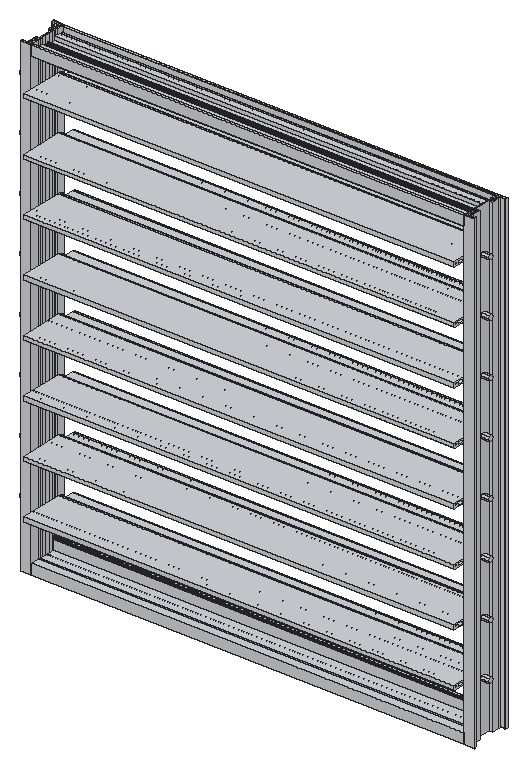
Revit family "TB-155,156", category Mechanical Equipment, Revit 2015
Parameters
  URL = "http://unitedenertech.com/catalog/pdf/A_12e%20TB-155,%20TB-156.pdf"
  Type Comments = "Max. Single Section Size is (60\"w x 72\"h)"
  Model = "TB-155, TB-156"
  Manufacturer = "United Enertech Corporation"
  Keynote = "This model is only a representation of the product, blade position and linkage arrangement will vary from built dampers"
  Exact Width = 3' - 6"
  Exact Height = 3' - 8"
  Description = "Thermally Broken Damper"
  Blade Spacing = 0' - 5 1/4"
  Blade Number [instance] = rounddown((Exact Height - 0' 1 1/2") / Blade Spacing)  # 8
  BW [instance] = Exact Width - 0' 0 3/8"  # 3' - 5 5/8"
Reference planes (in)
  plane 1 "Center (Front/Back)": y = 0
  plane 2: z = 0
  plane 3 "Center (Left/Right)": x = 0
  plane 4: x = -21
  plane 5: x = 21
  plane 6: z = 44
  plane 7: x = -22
  plane 8: x = 22
  plane 9: z = -1
  plane 10: z = 45
  plane 11: z = 41.2429
  plane 12: x = -22.29363
  plane 13: z = 3.04512
Forms (in)
  Extrusion 1, solid
    sketch origin (14.05883, -5.93051, 0) x (1, 0, 0) y (0, 1, 0)
      loop
        line (-36.05883, 9.73051) -> (-35.97883, 9.73051) -> (-35.97883, 9.80551) -> (-35.18383, 9.80551) -> (-35.18383, 9.59178) -> (-35.55883, 9.59178) -> (-35.55883, 9.51078) -> (-35.14725, 9.51078) -> (-35.14725, 9.36625) -> (-35.55883, 9.36625) -> (-35.55883, 8.71051) -> (-35.22383, 8.71051) -> (-35.22383, 7.15051) -> (-35.55883, 7.15051) -> (-35.55883, 6.49478) -> (-35.14725, 6.49478) -> (-35.14725, 6.35025) -> (-35.55883, 6.35025) -> (-35.55883, 6.26925) -> (-35.18383, 6.26925) -> (-35.18383, 6.05551) -> (-35.97883, 6.05551) -> (-35.97883, 6.13051) -> (-36.05883, 6.13051) -> (-36.05883, 5.93051) -> (-35.05883, 5.93051) -> (-35.05883, 6.71551) -> (-35.24983, 6.71551) -> (-35.24983, 6.64551) -> (-35.17983, 6.64551) -> (-35.17983, 6.57551) -> (-35.48383, 6.57551) -> (-35.48383, 6.64551) -> (-35.41383, 6.64551) -> (-35.41383, 6.71551) -> (-35.47883, 6.71551) -> (-35.47883, 6.93051) -> (-35.41383, 6.93051) -> (-35.41383, 7.00051) -> (-35.48383, 7.00051) -> (-35.48383, 7.07051) -> (-35.17983, 7.07051) -> (-35.17983, 7.00051) -> (-35.24983, 7.00051) -> (-35.24983, 6.93051) -> (-35.09883, 6.93051) -> (-35.09883, 7.13239) -> (-35.06883, 7.16814) -> (-35.06883, 7.27705) -> (-35.14983, 7.18051) -> (-35.14983, 7.44963) -> (-35.06883, 7.3531) -> (-35.06883, 7.68734) -> (-35.14983, 7.59081) -> (-35.14983, 7.85992) -> (-35.06883, 7.76339) -> (-35.06883, 8.09763) -> (-35.14983, 8.0011) -> (-35.14983, 8.27022) -> (-35.06883, 8.17368) -> (-35.06883, 8.50793) -> (-35.14983, 8.4114) -> (-35.14983, 8.68051) -> (-35.06883, 8.58398) -> (-35.06883, 8.69288) -> (-35.09883, 8.72863) -> (-35.09883, 8.93051) -> (-35.25011, 8.93051) -> (-35.25011, 8.86051) -> (-35.18011, 8.86051) -> (-35.18011, 8.79051) -> (-35.48411, 8.79051) -> (-35.48411, 8.86051) -> (-35.41411, 8.86051) -> (-35.41411, 8.93051) -> (-35.47883, 8.93051) -> (-35.47883, 9.14551) -> (-35.41411, 9.14551) -> (-35.41411, 9.21551) -> (-35.48411, 9.21551) -> (-35.48411, 9.28551) -> (-35.18011, 9.28551) -> (-35.18011, 9.21551) -> (-35.25011, 9.21551) -> (-35.25011, 9.14551) -> (-35.05883, 9.14551) -> (-35.05883, 9.93051) -> (-36.05883, 9.93051) -> (-36.05883, 9.73051)
    from -1 to 45
  Extrusion 2, solid
    sketch origin (-14.05883, -5.93051, 0) x (-1, 0, 0) y (0, -1, 0)
      loop
        line (-36.05883, -9.73051) -> (-36.05883, -9.93051) -> (-35.05883, -9.93051) -> (-35.05883, -9.14551) -> (-35.25011, -9.14551) -> (-35.25011, -9.21551) -> (-35.18011, -9.21551) -> (-35.18011, -9.28551) -> (-35.48411, -9.28551) -> (-35.48411, -9.21551) -> (-35.41411, -9.21551) -> (-35.41411, -9.14551) -> (-35.47883, -9.14551) -> (-35.47883, -8.93051) -> (-35.41411, -8.93051) -> (-35.41411, -8.86051) -> (-35.48411, -8.86051) -> (-35.48411, -8.79051) -> (-35.18011, -8.79051) -> (-35.18011, -8.86051) -> (-35.25011, -8.86051) -> (-35.25011, -8.93051) -> (-35.09883, -8.93051) -> (-35.09883, -8.72863) -> (-35.06883, -8.69288) -> (-35.06883, -8.58398) -> (-35.14983, -8.68051) -> (-35.14983, -8.4114) -> (-35.06883, -8.50793) -> (-35.06883, -8.17368) -> (-35.14983, -8.27022) -> (-35.14983, -8.0011) -> (-35.06883, -8.09763) -> (-35.06883, -7.76339) -> (-35.14983, -7.85992) -> (-35.14983, -7.59081) -> (-35.06883, -7.68734) -> (-35.06883, -7.3531) -> (-35.14983, -7.44963) -> (-35.14983, -7.18051) -> (-35.06883, -7.27705) -> (-35.06883, -7.16814) -> (-35.09883, -7.13239) -> (-35.09883, -6.93051) -> (-35.24983, -6.93051) -> (-35.24983, -7.00051) -> (-35.17983, -7.00051) -> (-35.17983, -7.07051) -> (-35.48383, -7.07051) -> (-35.48383, -7.00051) -> (-35.41383, -7.00051) -> (-35.41383, -6.93051) -> (-35.47883, -6.93051) -> (-35.47883, -6.71551) -> (-35.41383, -6.71551) -> (-35.41383, -6.64551) -> (-35.48383, -6.64551) -> (-35.48383, -6.57551) -> (-35.17983, -6.57551) -> (-35.17983, -6.64551) -> (-35.24983, -6.64551) -> (-35.24983, -6.71551) -> (-35.05883, -6.71551) -> (-35.05883, -5.93051) -> (-36.05883, -5.93051) -> (-36.05883, -6.13051) -> (-35.97883, -6.13051) -> (-35.97883, -6.05551) -> (-35.18383, -6.05551) -> (-35.18383, -6.26925) -> (-35.55883, -6.26925) -> (-35.55883, -6.35025) -> (-35.14725, -6.35025) -> (-35.14725, -6.49478) -> (-35.55883, -6.49478) -> (-35.55883, -7.15051) -> (-35.22383, -7.15051) -> (-35.22383, -8.71051) -> (-35.55883, -8.71051) -> (-35.55883, -9.36625) -> (-35.14725, -9.36625) -> (-35.14725, -9.51078) -> (-35.55883, -9.51078) -> (-35.55883, -9.59178) -> (-35.18383, -9.59178) -> (-35.18383, -9.80551) -> (-35.97883, -9.80551) -> (-35.97883, -9.73051) -> (-36.05883, -9.73051)
    from -1 to 45
  Extrusion 3, solid
    sketch origin (-28.18526, 34.26153, -12.44523) x (0, 1, 0) y (0, 0, 1)
      loop
        line (-34.26153, 11.44523) -> (-34.06153, 11.44523) -> (-34.06153, 11.52523) -> (-34.13653, 11.52523) -> (-34.13653, 12.32023) -> (-33.9228, 12.32023) -> (-33.9228, 11.94523) -> (-33.8418, 11.94523) -> (-33.8418, 12.36223) -> (-33.69726, 12.36223) -> (-33.69726, 11.94523) -> (-33.04153, 11.94523) -> (-33.04153, 12.28023) -> (-32.3983, 12.28023) -> (-32.40744, 12.16843) -> (-32.38158, 12.10666) -> (-32.31062, 12.14763)
        arc (-32.31062, 12.14763) -> (-32.25846, 12.26016) -> (-32.21681, 12.14333) r 0.067
        line (-32.21681, 12.14333) -> (-32.14148, 12.10666) -> (-32.11353, 12.19323) -> (-32.12949, 12.28023) -> (-31.48153, 12.28023) -> (-31.48153, 11.94523) -> (-30.8258, 11.94523) -> (-30.8258, 12.36223) -> (-30.68126, 12.36223) -> (-30.68126, 11.94523) -> (-30.60026, 11.94523) -> (-30.60026, 12.3202) -> (-30.38653, 12.3202) -> (-30.38653, 11.52523) -> (-30.46153, 11.52523) -> (-30.46153, 11.44523) -> (-30.26153, 11.44523) -> (-30.26153, 12.44523) -> (-31.04653, 12.44523) -> (-31.04653, 12.25423) -> (-30.97653, 12.25423) -> (-30.97653, 12.32423) -> (-30.90653, 12.32423) -> (-30.90653, 12.02023) -> (-30.97653, 12.02023) -> (-30.97653, 12.09023) -> (-31.04653, 12.09023) -> (-31.04653, 12.02523) -> (-31.26153, 12.02523) -> (-31.26153, 12.09023) -> (-31.33153, 12.09023) -> (-31.33153, 12.02023) -> (-31.40153, 12.02023) -> (-31.40153, 12.32423) -> (-31.33153, 12.32423) -> (-31.33153, 12.25423) -> (-31.26153, 12.25423) -> (-31.26153, 12.40523) -> (-31.46353, 12.40523) -> (-31.46353, 13.65523) -> (-31.62653, 13.65523) -> (-31.62653, 13.55023) -> (-31.57653, 13.55023) -> (-31.57653, 13.60523) -> (-31.52653, 13.60523) -> (-31.52653, 13.39523) -> (-31.57653, 13.39523) -> (-31.57653, 13.45023) -> (-31.62653, 13.45023) -> (-31.62653, 13.34523) -> (-31.55753, 13.34523) -> (-31.55753, 12.40523) -> (-33.26153, 12.40523) -> (-33.26153, 12.25423) -> (-33.19153, 12.25423) -> (-33.19153, 12.32423) -> (-33.12153, 12.32423) -> (-33.12153, 12.02023) -> (-33.19153, 12.02023) -> (-33.19153, 12.09023) -> (-33.26153, 12.09023) -> (-33.26153, 12.02523) -> (-33.47653, 12.02523) -> (-33.47653, 12.09023) -> (-33.54653, 12.09023) -> (-33.54653, 12.02023) -> (-33.61653, 12.02023) -> (-33.61653, 12.32423) -> (-33.54653, 12.32423) -> (-33.54653, 12.25423) -> (-33.47653, 12.25423) -> (-33.47653, 12.44523) -> (-34.26153, 12.44523) -> (-34.26153, 11.44523)
    from 7.18526 to 49.18526
  Extrusion 4, solid
    sketch origin (-43.90835, 39.90835, 36.13069) x (0, 1, 0) y (0, 0, 1)
      loop
        line (-39.70835, 8.86931) -> (-39.90835, 8.86931) -> (-39.90835, 7.86931) -> (-39.12335, 7.86931) -> (-39.12335, 8.06031) -> (-39.19335, 8.06031) -> (-39.19335, 7.99031) -> (-39.26335, 7.99031) -> (-39.26335, 8.29431) -> (-39.19335, 8.29431) -> (-39.19335, 8.22431) -> (-39.12335, 8.22431) -> (-39.12335, 8.28931) -> (-38.90835, 8.28931) -> (-38.90835, 8.22431) -> (-38.83835, 8.22431) -> (-38.83835, 8.29431) -> (-38.76835, 8.29431) -> (-38.76835, 7.99031) -> (-38.83835, 7.99031) -> (-38.83835, 8.06031) -> (-38.90835, 8.06031) -> (-38.90835, 7.90931) -> (-38.21635, 7.90931) -> (-38.21635, 6.65931) -> (-38.05335, 6.65931) -> (-38.05335, 6.76431) -> (-38.10335, 6.76431) -> (-38.10335, 6.70931) -> (-38.15335, 6.70931) -> (-38.15335, 6.91931) -> (-38.10335, 6.91931) -> (-38.10335, 6.86431) -> (-38.05335, 6.86431) -> (-38.05335, 6.96931) -> (-38.12235, 6.96931) -> (-38.12235, 7.90931) -> (-36.90835, 7.90931) -> (-36.90835, 8.06031) -> (-36.97835, 8.06031) -> (-36.97835, 7.99031) -> (-37.04835, 7.99031) -> (-37.04835, 8.29431) -> (-36.97835, 8.29431) -> (-36.97835, 8.22431) -> (-36.90835, 8.22431) -> (-36.90835, 8.28931) -> (-36.69335, 8.28931) -> (-36.69335, 8.22431) -> (-36.62335, 8.22431) -> (-36.62335, 8.29431) -> (-36.55335, 8.29431) -> (-36.55335, 7.99031) -> (-36.62335, 7.99031) -> (-36.62335, 8.06031) -> (-36.69335, 8.06031) -> (-36.69335, 7.86931) -> (-35.90835, 7.86931) -> (-35.90835, 8.86931) -> (-36.10835, 8.86931) -> (-36.10835, 8.78931) -> (-36.03335, 8.78931) -> (-36.03335, 7.99431) -> (-36.24708, 7.99431) -> (-36.24708, 8.36931) -> (-36.32808, 8.36931) -> (-36.32808, 7.95231) -> (-36.47262, 7.95231) -> (-36.47262, 8.36931) -> (-37.12835, 8.36931) -> (-37.12835, 8.03431) -> (-37.77158, 8.03431) -> (-37.76244, 8.1461) -> (-37.7883, 8.20787) -> (-37.85926, 8.1669)
        arc (-37.85926, 8.1669) -> (-37.91142, 8.05438) -> (-37.95307, 8.1712) r 0.067
        line (-37.95307, 8.1712) -> (-38.0284, 8.20787) -> (-38.05635, 8.12131) -> (-38.04039, 8.03431) -> (-38.68835, 8.03431) -> (-38.68835, 8.36931) -> (-39.34408, 8.36931) -> (-39.34408, 7.95231) -> (-39.48862, 7.95231) -> (-39.48862, 8.36931) -> (-39.56962, 8.36931) -> (-39.56962, 7.99433) -> (-39.78335, 7.99433) -> (-39.78335, 8.78931) -> (-39.70835, 8.78931) -> (-39.70835, 8.86931)
    from 22.90835 to 64.90835
  Extrusion 5, solid
    sketch origin (9.06925, -1.4123, 0) x (1, 0, 0) y (0, 1, 0)
      loop
        line (-31.36287, 2.39683) -> (-31.36287, 2.56006)
        arc (-31.36287, 2.56006) -> (-31.58255, 2.47844) -> (-31.36287, 2.39683) r 0.125
    from 3.04512 to 44
Dimensions and locks (in)
  equal spacing: plane 4, plane 3 "Center (Left/Right)", plane 5
  "Exact Width": plane 4 to plane 5
  "Exact Height": plane 6 to level
  locked: plane 7 to plane 4 at 1
  locked: plane 5 to plane 8 at 1
  locked: level to plane 9 at 1
  locked: plane 10 to plane 6 at 1
  locked: plane 6 to plane 11 at 2.7571
  equal spacing: group 1, group 2, group 3, group 4, group 5, group 6, group 7, group 8  (x2)
  equal spacing: group 8, group 7, group 6, group 5, group 4, group 3, group 2, group 1
  "Blade Spacing": nested 2 to nested 1
  locked: plane 12 to plane 4 at 1.29363
  locked: plane 13 to level at 3.04512
  aligned and locked: level to plane 2
  aligned and locked: level to Extrusion 3
  aligned and locked: plane 5 to Extrusion 3
  aligned and locked: plane 4 to Extrusion 3
  aligned and locked: Extrusion 1 to plane 9
  aligned and locked: Extrusion 2 to plane 9
  aligned and locked: Extrusion 4 to plane 6
  aligned and locked: plane 10 to Extrusion 1
  aligned and locked: plane 10 to Extrusion 2
  aligned and locked: plane 5 to Extrusion 4
  aligned and locked: plane 4 to Extrusion 4
  aligned and locked: plane 3 "Center (Left/Right)" to nested 1
  aligned and locked: plane 11 to nested 1
  aligned and locked: plane 12 to Extrusion 5
  aligned and locked: plane 6 to Extrusion 5
  aligned and locked: Extrusion 5 to plane 13
Automatic sketch dimensions
  plane 1 "Center (Front/Back)" to Extrusion 1 sketch curve = 0' - 0"
  Extrusion 1 sketch curve to plane 4 = 0' - 0"  (x2)
  plane 4 to Extrusion 1 sketch curve = 0' - 0.01"  (x5)
  plane 4 to Extrusion 1 sketch curve = 0' - 0.04"  (x2)
  plane 4 to Extrusion 1 sketch curve = 0' - 0.08843"  (x2)
  Extrusion 1 sketch curve to Extrusion 1 sketch curve = 0' - 0.051"  (x2)
  plane 4 to Extrusion 1 sketch curve = 0' - 0.091"  (x2)
  Extrusion 1 sketch curve to Extrusion 1 sketch curve = 0' - 0.081"  (x3)
  plane 4 to Extrusion 1 sketch curve = 0' - 0.121"
  Extrusion 1 sketch curve to Extrusion 1 sketch curve = 0' - 0.08128"
  plane 4 to Extrusion 1 sketch curve = 0' - 0.12128"
  Extrusion 1 sketch curve to Extrusion 1 sketch curve = 0' - 0.03657"  (x2)
  Extrusion 1 sketch curve to Extrusion 1 sketch curve = 0' - 0.074"
  Extrusion 1 sketch curve to Extrusion 1 sketch curve = 0' - 0.07"  (x22)
  Extrusion 1 sketch curve to Extrusion 1 sketch curve = 0' - 0.164"  (x4)
  Extrusion 1 sketch curve to Extrusion 1 sketch curve = 0' - 0.065"
  Extrusion 1 sketch curve to Extrusion 1 sketch curve = 0' - 0.06472"
  Extrusion 1 sketch curve to Extrusion 1 sketch curve = 0' - 0.07472"
  Extrusion 1 sketch curve to Extrusion 1 sketch curve = 0' - 0"
  Extrusion 1 sketch curve to Extrusion 1 sketch curve = 0' - 0.075"  (x3)
  Extrusion 1 sketch curve to Extrusion 1 sketch curve = 0' - 0.42"  (x2)
  Extrusion 1 sketch curve to plane 1 "Center (Front/Back)" = 0' - 0.2"
  Extrusion 1 sketch curve to Extrusion 1 sketch curve = 0' - 0.08"  (x4)
  Extrusion 1 sketch curve to Extrusion 1 sketch curve = 0' - 0.21373"  (x2)
  Extrusion 1 sketch curve to Extrusion 1 sketch curve = 0' - 0 37/256"  (x2)
  Extrusion 1 sketch curve to Extrusion 1 sketch curve = 0' - 0.08073"  (x2)
  Extrusion 1 sketch curve to Extrusion 1 sketch curve = 0' - 0.215"  (x4)
  Extrusion 1 sketch curve to Extrusion 1 sketch curve = 0' - 0.06188"
  Extrusion 1 sketch curve to Extrusion 1 sketch curve = 0' - 0.03575"  (x2)
  Extrusion 1 sketch curve to Extrusion 1 sketch curve = 0' - 0.04812"
  Extrusion 1 sketch curve to Extrusion 1 sketch curve = 0' - 0.1089"
  Extrusion 1 sketch curve to Extrusion 1 sketch curve = 0' - 0.07605"  (x4)
  Extrusion 1 sketch curve to Extrusion 1 sketch curve = 0' - 0.09653"  (x7)
  Extrusion 1 sketch curve to Extrusion 1 sketch curve = 0' - 0.14118"  (x3)
  Extrusion 1 sketch curve to Extrusion 1 sketch curve = 0' - 0.01237"
  Extrusion 1 sketch curve to Extrusion 1 sketch curve = 0' - 0.03"
  Extrusion 1 sketch curve to Extrusion 1 sketch curve = 0' - 0.13873"
  Extrusion 1 sketch curve to Extrusion 1 sketch curve = 0' - 0 1/8"
  plane 1 "Center (Front/Back)" to Extrusion 2 sketch curve = 0' - 0"
  Extrusion 2 sketch curve to plane 5 = 0' - 0"  (x2)
  Extrusion 2 sketch curve to plane 5 = 0' - 0.01"  (x5)
  Extrusion 2 sketch curve to plane 5 = 0' - 0.04"  (x2)
  Extrusion 2 sketch curve to plane 5 = 0' - 0.08843"  (x2)
  Extrusion 2 sketch curve to Extrusion 2 sketch curve = 0' - 0.051"  (x2)
  Extrusion 2 sketch curve to plane 5 = 0' - 0.091"  (x2)
  Extrusion 2 sketch curve to Extrusion 2 sketch curve = 0' - 0.081"  (x3)
  Extrusion 2 sketch curve to plane 5 = 0' - 0.121"
  Extrusion 2 sketch curve to Extrusion 2 sketch curve = 0' - 0.08128"
  Extrusion 2 sketch curve to plane 5 = 0' - 0.12128"
  Extrusion 2 sketch curve to Extrusion 2 sketch curve = 0' - 0.03657"  (x2)
  Extrusion 2 sketch curve to Extrusion 2 sketch curve = 0' - 0.074"
  Extrusion 2 sketch curve to Extrusion 2 sketch curve = 0' - 0.07"  (x22)
  Extrusion 2 sketch curve to Extrusion 2 sketch curve = 0' - 0.164"  (x4)
  Extrusion 2 sketch curve to Extrusion 2 sketch curve = 0' - 0.065"
  Extrusion 2 sketch curve to Extrusion 2 sketch curve = 0' - 0.06472"
  Extrusion 2 sketch curve to Extrusion 2 sketch curve = 0' - 0.07472"
  Extrusion 2 sketch curve to Extrusion 2 sketch curve = 0' - 0"
  Extrusion 2 sketch curve to Extrusion 2 sketch curve = 0' - 0.075"  (x3)
  Extrusion 2 sketch curve to Extrusion 2 sketch curve = 0' - 0.42"  (x2)
  plane 1 "Center (Front/Back)" to Extrusion 2 sketch curve = 0' - 0.2"
  Extrusion 2 sketch curve to Extrusion 2 sketch curve = 0' - 0.08"  (x4)
  Extrusion 2 sketch curve to Extrusion 2 sketch curve = 0' - 0.21373"  (x2)
  Extrusion 2 sketch curve to Extrusion 2 sketch curve = 0' - 0 37/256"  (x2)
  Extrusion 2 sketch curve to Extrusion 2 sketch curve = 0' - 0.08073"  (x2)
  Extrusion 2 sketch curve to Extrusion 2 sketch curve = 0' - 0.215"  (x4)
  Extrusion 2 sketch curve to Extrusion 2 sketch curve = 0' - 0.06188"
  Extrusion 2 sketch curve to Extrusion 2 sketch curve = 0' - 0.03575"  (x2)
  Extrusion 2 sketch curve to Extrusion 2 sketch curve = 0' - 0.04812"
  Extrusion 2 sketch curve to Extrusion 2 sketch curve = 0' - 0.1089"
  Extrusion 2 sketch curve to Extrusion 2 sketch curve = 0' - 0.07605"  (x4)
  Extrusion 2 sketch curve to Extrusion 2 sketch curve = 0' - 0.09653"  (x7)
  Extrusion 2 sketch curve to Extrusion 2 sketch curve = 0' - 0.14118"  (x3)
  Extrusion 2 sketch curve to Extrusion 2 sketch curve = 0' - 0.01237"
  Extrusion 2 sketch curve to Extrusion 2 sketch curve = 0' - 0.03"
  Extrusion 2 sketch curve to Extrusion 2 sketch curve = 0' - 0.13873"
  Extrusion 2 sketch curve to Extrusion 2 sketch curve = 0' - 0 1/8"
  plane 1 "Center (Front/Back)" to Extrusion 3 sketch curve = 0' - 0"
  Extrusion 3 sketch curve to Extrusion 3 sketch curve = 0' - 0 1/8"  (x2)
  Extrusion 3 sketch curve to Extrusion 3 sketch curve = 0' - 0.075"  (x5)
  Extrusion 3 sketch curve to Extrusion 3 sketch curve = 0' - 0.21373"
  Extrusion 3 sketch curve to Extrusion 3 sketch curve = 0' - 0.081"  (x3)
  Extrusion 3 sketch curve to Extrusion 3 sketch curve = 0' - 0 37/256"  (x2)
  Extrusion 3 sketch curve to Extrusion 3 sketch curve = 0' - 0.08073"  (x2)
  Extrusion 3 sketch curve to Extrusion 3 sketch curve = 0' - 0.07"  (x21)
  Extrusion 3 sketch curve to Extrusion 3 sketch curve = 0' - 0.215"  (x3)
  Extrusion 3 sketch curve to Extrusion 3 sketch curve = 0' - 0"  (x6)
  Extrusion 3 sketch curve to Extrusion 3 sketch curve = 0' - 0.08"  (x4)
  Extrusion 3 sketch curve to level = 0' - 0.27679"
  Extrusion 3 sketch curve to Extrusion 3 sketch curve = 0' - 0.63409"
  Extrusion 3 sketch curve to level = 0' - 0.165"  (x2)
  Extrusion 3 sketch curve to Extrusion 3 sketch curve = 0' - 0.00914"
  Extrusion 3 sketch curve to level = 0' - 0.33856"  (x2)
  Extrusion 3 sketch curve to Extrusion 3 sketch curve = 0' - 0.02586"
  Extrusion 3 sketch curve to Extrusion 3 sketch curve = 0' - 0.07095"
  Extrusion 3 sketch curve to Extrusion 3 sketch curve = 0' - 0.04909"
  Extrusion 3 sketch curve to level = 0' - 0.30189"
  Extrusion 3 sketch curve to Extrusion 3 sketch curve = 0' - 0.04472"
  Extrusion 3 sketch curve to Extrusion 3 sketch curve = 0' - 0.07533"
  Extrusion 3 sketch curve to Extrusion 3 sketch curve = 0' - 0.13204"
  Extrusion 3 sketch curve to level = 0' - 0.252"
  Extrusion 3 sketch curve to Extrusion 3 sketch curve = 0' - 0.01596"
  Extrusion 3 sketch curve to Extrusion 3 sketch curve = 0' - 0.50296"
  Extrusion 3 sketch curve to Extrusion 3 sketch curve = 0' - 0.05"  (x5)
  Extrusion 3 sketch curve to Extrusion 3 sketch curve = 0' - 0.57196"
  Extrusion 3 sketch curve to Extrusion 3 sketch curve = 0' - 0.076"
  Extrusion 3 sketch curve to Extrusion 3 sketch curve = 0' - 0.094"
  Extrusion 3 sketch curve to Extrusion 3 sketch curve = 0' - 0.13873"
  Extrusion 3 sketch curve to Extrusion 3 sketch curve = 0' - 0.19"  (x2)
  Extrusion 3 sketch curve to Extrusion 3 sketch curve = 0' - 0.065"  (x2)
  Extrusion 3 sketch curve to Extrusion 3 sketch curve = 0' - 0.42"  (x2)
  Extrusion 3 sketch curve to Extrusion 3 sketch curve = 0' - 0.04097"
  Extrusion 3 sketch curve to Extrusion 3 sketch curve = 0' - 0.164"  (x3)
  Extrusion 3 sketch curve to Extrusion 3 sketch curve = 0' - 0.026"
  Extrusion 3 sketch curve to Extrusion 3 sketch curve = 0' - 0.37497"
  Extrusion 3 sketch curve to Extrusion 3 sketch curve = 0' - 0 3/8"
  Extrusion 3 sketch curve to Extrusion 3 sketch curve = 0' - 0.044"
  Extrusion 3 sketch curve to Extrusion 3 sketch curve = 0' - 0.038"  (x2)
  Extrusion 3 sketch curve to Extrusion 3 sketch curve = 0' - 0.121"  (x2)
  Extrusion 3 sketch curve to Extrusion 3 sketch curve = 0' - 0.94"
  Extrusion 3 sketch curve to Extrusion 3 sketch curve = 0' - 0.055"  (x2)
  Extrusion 3 sketch curve to Extrusion 3 sketch curve = 0' - 0.1"
  Extrusion 4 sketch curve to plane 1 "Center (Front/Back)" = 0' - 0"
  Extrusion 4 sketch curve to Extrusion 4 sketch curve = 0' - 0 1/8"  (x3)
  Extrusion 4 sketch curve to Extrusion 4 sketch curve = 0' - 0.075"  (x5)
  Extrusion 4 sketch curve to Extrusion 4 sketch curve = 0' - 0.21373"
  Extrusion 4 sketch curve to Extrusion 4 sketch curve = 0' - 0.081"  (x4)
  Extrusion 4 sketch curve to Extrusion 4 sketch curve = 0' - 0 37/256"  (x2)
  Extrusion 4 sketch curve to Extrusion 4 sketch curve = 0' - 0.08073"  (x2)
  Extrusion 4 sketch curve to Extrusion 4 sketch curve = 0' - 0.07"  (x22)
  Extrusion 4 sketch curve to Extrusion 4 sketch curve = 0' - 0.215"  (x4)
  Extrusion 4 sketch curve to Extrusion 4 sketch curve = 0' - 0.08"  (x4)
  Extrusion 4 sketch curve to Extrusion 4 sketch curve = 0' - 0.472"
  Extrusion 4 sketch curve to Extrusion 4 sketch curve = 0' - 0.063"
  Extrusion 4 sketch curve to Extrusion 4 sketch curve = 0' - 0.031"
  Extrusion 4 sketch curve to Extrusion 4 sketch curve = 0' - 0.05"  (x5)
  Extrusion 4 sketch curve to Extrusion 4 sketch curve = 0' - 0.066"
  Extrusion 4 sketch curve to Extrusion 4 sketch curve = 0' - 0.069"
  Extrusion 4 sketch curve to Extrusion 4 sketch curve = 0' - 0.01596"
  Extrusion 4 sketch curve to Extrusion 4 sketch curve = 0' - 0.02795"
  Extrusion 4 sketch curve to Extrusion 4 sketch curve = 0' - 0.07533"
  Extrusion 4 sketch curve to Extrusion 4 sketch curve = 0' - 0.04472"
  Extrusion 4 sketch curve to Extrusion 4 sketch curve = 0' - 0.04909"
  Extrusion 4 sketch curve to Extrusion 4 sketch curve = 0' - 0.07095"
  Extrusion 4 sketch curve to Extrusion 4 sketch curve = 0' - 0.08768"
  Extrusion 4 sketch curve to Extrusion 4 sketch curve = 0' - 0.02586"
  Extrusion 4 sketch curve to Extrusion 4 sketch curve = 0' - 0.63409"
  Extrusion 4 sketch curve to Extrusion 4 sketch curve = 0' - 0.13873"
  level to Extrusion 4 sketch curve = 3' - 6.79"
  Extrusion 4 sketch curve to Extrusion 4 sketch curve = 0' - 0.055"  (x2)
  Extrusion 4 sketch curve to Extrusion 4 sketch curve = 0' - 0.1"
  Extrusion 4 sketch curve to Extrusion 4 sketch curve = 0' - 0.9"  (x2)
  Extrusion 4 sketch curve to Extrusion 4 sketch curve = 0' - 0.04"
  Extrusion 4 sketch curve to Extrusion 4 sketch curve = 0' - 0"  (x3)
  Extrusion 4 sketch curve to Extrusion 4 sketch curve = 0' - 0.083"  (x2)
  Extrusion 4 sketch curve to Extrusion 4 sketch curve = 0' - 0.121"
  Extrusion 4 sketch curve to Extrusion 4 sketch curve = 0' - 0.038"
  Extrusion 4 sketch curve to Extrusion 4 sketch curve = 0' - 0.12503"
  Extrusion 4 sketch curve to Extrusion 4 sketch curve = 0' - 0.044"  (x2)
  Extrusion 4 sketch curve to Extrusion 4 sketch curve = 0' - 0.087"
  Extrusion 4 sketch curve to Extrusion 4 sketch curve = 0' - 0.11179"
  Extrusion 4 sketch curve to Extrusion 4 sketch curve = 0' - 0.0456"
  Extrusion 4 sketch curve to Extrusion 4 sketch curve = 0' - 0.03667"
  Extrusion 4 sketch curve to Extrusion 4 sketch curve = 0' - 0.06177"
  Extrusion 4 sketch curve to Extrusion 4 sketch curve = 0' - 0.164"  (x4)
  Extrusion 4 sketch curve to Extrusion 4 sketch curve = 0' - 0.065"  (x2)
  Extrusion 4 sketch curve to Extrusion 4 sketch curve = 0' - 0.42"  (x2)
  Extrusion 5 sketch curve to plane 1 "Center (Front/Back)" = 0' - 1.06614"
  Extrusion 5 sketch curve to plane 7 = 0' - 0.38831"
  Extrusion 5 sketch curve to Extrusion 5 sketch curve = 0' - 0.09468"
  Extrusion 5 sketch curve to Extrusion 5 sketch curve = 0' - 0.08161"
Nested families (in)
  nested 1: "TBBlade" at (0, 0.27071, 37.67319), type "TBBlade"
    with Blade Width 3' - 5 5/8"
  nested 2: "TBBlade" at (0, 0.27071, 32.42319), type "TBBlade"
    with Blade Width 3' - 5 5/8"
  nested 3: "TBBlade" at (0, 0.27071, 27.17319), type "TBBlade"
    with Blade Width 3' - 5 5/8"
  nested 4: "TBBlade" at (0, 0.27071, 21.92319), type "TBBlade"
    with Blade Width 3' - 5 5/8"
  nested 5: "TBBlade" at (0, 0.27071, 16.67319), type "TBBlade"
    with Blade Width 3' - 5 5/8"
  nested 6: "TBBlade" at (0, 0.27071, 11.42319), type "TBBlade"
    with Blade Width 3' - 5 5/8"
  nested 7: "TBBlade" at (0, 0.27071, 6.17319), type "TBBlade"
    with Blade Width 3' - 5 5/8"
  nested 8: "TBBlade" at (0, 0.27071, 0.92319), type "TBBlade"
    with Blade Width 3' - 5 5/8"
Definition of nested family "TBBlade"
  Parameters (values of type "TBBlade")
    Blade Width = 3' - 0"
  Reference planes (in)
    plane 1 "Center (Front/Back)": y = 0
    plane 2: z = 0
    plane 3 "Center (Left/Right)": x = 0
    plane 4: x = -18
    plane 5: x = 18
    plane 6: x = -19.84
    plane 7: x = 19.1875
    plane 8: x = -19.48475
    plane 9: x = -19.34
    plane 10: x = -19.03
    plane 11: x = -18.94912
  Forms (in)
    Extrusion 1, solid
      sketch origin (-5.36856, -45.8907, -7.07917) x (0, -1, 0) y (0, 0, -1)
        loop
          line (-47.74365, -9.96799) -> (-47.87038, -10.18749) -> (-47.74365, -10.40699) -> (-47.49019, -10.40699) -> (-47.36347, -10.18749) -> (-47.49019, -9.96799) -> (-47.74365, -9.96799)
      from -14.11619 to 24.55606
    Extrusion 2, solid
      sketch origin (-5.36856, 49.89331, -5.77538) x (0, 1, 0) y (0, 0, 1)
        loop
          line (-51.09747, 8.98658) -> (-51.15205, 9.00121) -> (-51.13911, 9.0495) -> (-50.93627, 8.99515) -> (-50.94921, 8.94686) -> (-51.01311, 8.96398) -> (-51.02605, 8.91568) -> (-50.9734, 8.90157) -> (-49.83649, 8.90157) -> (-49.70689, 8.63481)
          arc (-49.70689, 8.63481) -> (-49.56855, 8.48082) -> (-49.36959, 8.42368) r 0.375
          line (-49.36959, 8.42368) -> (-48.84261, 8.42368) -> (-48.84261, 8.58614) -> (-47.49156, 8.58614) -> (-47.49156, 8.42368) -> (-45.12101, 8.42368) -> (-45.12101, 8.80148) -> (-45.22231, 8.82863) -> (-45.23525, 8.78033) -> (-45.18224, 8.76613) -> (-45.19518, 8.71783) -> (-45.39803, 8.77218) -> (-45.38522, 8.81997) -> (-45.32434, 8.80366) -> (-45.31126, 8.85246) -> (-45.3609, 8.86576) -> (-46.48775, 8.86576) -> (-46.61896, 9.13458)
          arc (-46.61896, 9.13458) -> (-46.75729, 9.28814) -> (-46.95596, 9.3451) r 0.375
          line (-46.95596, 9.3451) -> (-51.20526, 9.3451) -> (-51.20526, 8.9637) -> (-51.11041, 8.93829) -> (-51.09747, 8.98658)
        loop
          line (-51.00612, 9.07702) -> (-50.85489, 9.07702) -> (-50.85489, 9.14702) -> (-50.67489, 9.14702) -> (-50.67489, 9.08602) -> (-50.79389, 9.08602) -> (-50.79389, 8.96257) -> (-49.79793, 8.96257) -> (-49.65202, 8.66147)
          arc (-49.65202, 8.66147) -> (-49.53619, 8.53252) -> (-49.36959, 8.48468) r 0.314
          line (-49.36959, 8.48468) -> (-48.90361, 8.48468) -> (-48.90361, 8.64714) -> (-48.37749, 8.64714) -> (-48.51407, 8.88371) -> (-48.34058, 9.18421) -> (-48.20714, 9.18421) -> (-48.20714, 9.2841) -> (-48.97507, 9.2841) -> (-48.97507, 8.99545) -> (-49.17507, 8.99545) -> (-49.17507, 9.05645) -> (-49.03607, 9.05645) -> (-49.03607, 9.2841) -> (-50.03407, 9.2841) -> (-50.03407, 9.19203) -> (-49.89507, 9.19203) -> (-49.89507, 9.13103) -> (-50.09507, 9.13103) -> (-50.09507, 9.2841) -> (-51.09535, 9.2841) -> (-51.09535, 9.10093) -> (-51.00612, 9.07702)
        loop
          line (-48.1271, 9.18421) -> (-47.99359, 9.18421) -> (-47.8201, 8.88371) -> (-47.95668, 8.64714) -> (-47.29456, 8.64714) -> (-47.29456, 8.58614) -> (-47.43056, 8.58614) -> (-47.43056, 8.48468) -> (-45.23905, 8.48468) -> (-45.23905, 8.66643) -> (-45.33777, 8.69289) -> (-45.4794, 8.69289) -> (-45.4794, 8.62389) -> (-45.6594, 8.62389) -> (-45.6594, 8.68489) -> (-45.5404, 8.68489) -> (-45.5404, 8.80476) -> (-46.52577, 8.80476) -> (-46.67381, 9.10789)
          arc (-46.67381, 9.10789) -> (-46.78963, 9.23643) -> (-46.95596, 9.2841) r 0.314
          line (-46.95596, 9.2841) -> (-47.2981, 9.2841) -> (-47.2981, 9.05645) -> (-47.1591, 9.05645) -> (-47.1591, 8.99545) -> (-47.3591, 8.99545) -> (-47.3591, 9.2841) -> (-48.1271, 9.2841) -> (-48.1271, 9.18421)
        loop
          line (-48.29381, 8.66421) -> (-48.04036, 8.66421) -> (-47.91363, 8.88371) -> (-48.04036, 9.10321) -> (-48.29381, 9.10321) -> (-48.42054, 8.88371) -> (-48.29381, 8.66421)
      from -12.63144 to 23.36856
    Extrusion 3, solid
      sketch origin (-25.34, 35.91659, -5.35129) x (0, 1, 0) y (0, 0, 1)
        loop
          arc (-34.6208, 9.33554) -> (-35.30802, 9.82134) -> (-35.46339, 8.99421) r 0.5
          arc (-35.46339, 8.99421) -> (-35.47382, 8.80541) -> (-35.3603, 8.65418) r 0.27606
          line (-35.3603, 8.65418) -> (-34.6203, 8.22694) -> (-34.6203, 7.88286) -> (-34.3203, 7.88286) -> (-34.3203, 8.24567) -> (-34.44382, 8.45961) -> (-34.31709, 8.67911) -> (-34.06363, 8.67911) -> (-33.9369, 8.45961) -> (-34.0603, 8.2459) -> (-34.0603, 7.88286) -> (-33.7853, 7.88286) -> (-33.7853, 8.69748) -> (-34.49605, 9.10784)
          arc (-34.49605, 9.10784) -> (-34.5903, 9.20422) -> (-34.6208, 9.33554) r 0.25
        loop
          line (-34.6103, 8.49523) -> (-34.41907, 8.82645) -> (-34.75265, 9.01904)
          arc (-34.75265, 9.01904) -> (-35.00137, 8.87227) -> (-35.28976, 8.88751) r 0.5
          line (-35.28976, 8.88751) -> (-34.6103, 8.49523)
        loop
          circle (-35.1203, 9.35792) r 0.3125
      from 6 to 6.31
    Extrusion 4, solid
      sketch origin (-25.84, 35.91659, -5.35129) x (0, 1, 0) y (0, 0, 1)
        loop
          circle (-35.1203, 9.35792) r 0.3125
      from 6 to 6.89088
  Dimensions and locks (in)
    equal spacing: plane 4, plane 3 "Center (Left/Right)", plane 5
    "Blade Width": plane 4 to plane 5
    locked: plane 5 to plane 7 at 1.1875
    locked: plane 6 to plane 4 at 1.84
    locked: plane 6 to plane 8 at 0.35525
    locked: plane 6 to plane 9 at 0.5
    locked: plane 6 to plane 10 at 0.81
    locked: plane 6 to plane 11 at 0.89088
    aligned and locked: level to plane 2
    aligned and locked: plane 5 to Extrusion 2
    aligned and locked: plane 4 to Extrusion 2
    aligned and locked: Extrusion 1 to plane 7
    aligned and locked: Extrusion 1 to plane 8
    aligned and locked: Extrusion 4 to plane 6
    aligned and locked: Extrusion 3 to plane 9
    aligned and locked: plane 10 to Extrusion 3
    aligned and locked: plane 11 to Extrusion 4
  Automatic sketch dimensions
    Extrusion 1 sketch curve to plane 1 "Center (Front/Back)" = 0' - 1.97968"
    Extrusion 1 sketch curve to Extrusion 1 sketch curve = 0' - 0.12673"  (x3)
    Extrusion 1 sketch curve to Extrusion 1 sketch curve = 0' - 0.25346"  (x2)
    level to Extrusion 1 sketch curve = 0' - 3.32782"
    Extrusion 1 sketch curve to Extrusion 1 sketch curve = 0' - 0.2195"  (x3)
    Extrusion 2 sketch curve to Extrusion 2 sketch curve = 0' - 0"  (x9)
    plane 1 "Center (Front/Back)" to Extrusion 2 sketch curve = 0' - 1.31196"
    Extrusion 2 sketch curve to Extrusion 2 sketch curve = 0' - 0.05321"
    level to Extrusion 2 sketch curve = 0' - 3.27412"
    Extrusion 2 sketch curve to Extrusion 2 sketch curve = 0' - 0.01294"  (x5)
    Extrusion 2 sketch curve to Extrusion 2 sketch curve = 0' - 0.04164"
    level to Extrusion 2 sketch curve = 0' - 3.2112"
    Extrusion 2 sketch curve to Extrusion 2 sketch curve = 0' - 0.10991"
    Extrusion 2 sketch curve to Extrusion 2 sketch curve = 0' - 0.08436"
    level to Extrusion 2 sketch curve = 0' - 3.18859"
    Extrusion 2 sketch curve to Extrusion 2 sketch curve = 0' - 0.08923"
    level to Extrusion 2 sketch curve = 0' - 3.12619"
    level to Extrusion 2 sketch curve = 0' - 3.17147"
    Extrusion 2 sketch curve to Extrusion 2 sketch curve = 0' - 0.08137"  (x2)
    Extrusion 2 sketch curve to Extrusion 2 sketch curve = 0' - 0.061"  (x16)
    Extrusion 2 sketch curve to Extrusion 2 sketch curve = 0' - 0.119"  (x2)
    Extrusion 2 sketch curve to Extrusion 2 sketch curve = 0' - 0.57983"
    Extrusion 2 sketch curve to Extrusion 2 sketch curve = 0' - 0.139"  (x3)
    Extrusion 2 sketch curve to Extrusion 2 sketch curve = 0' - 0 15/256"
    Extrusion 2 sketch curve to Extrusion 2 sketch curve = 0' - 0.03856"
    Extrusion 2 sketch curve to Extrusion 2 sketch curve = 0' - 0.1296"
    Extrusion 2 sketch curve to Extrusion 2 sketch curve = 0' - 0.05487"
    Extrusion 2 sketch curve to Extrusion 2 sketch curve = 0' - 0.28243"
    Extrusion 2 sketch curve to Extrusion 2 sketch curve = 0' - 0.19452"
    Extrusion 2 sketch curve to Extrusion 2 sketch curve = 0' - 0.46598"
    Extrusion 2 sketch curve to Extrusion 2 sketch curve = 0' - 0.32854"  (x2)
    Extrusion 2 sketch curve to Extrusion 2 sketch curve = 0' - 0.09353"  (x2)
    Extrusion 2 sketch curve to Extrusion 2 sketch curve = 0' - 0.04305"  (x2)
    Extrusion 2 sketch curve to Extrusion 2 sketch curve = 0' - 0.07996"
    Extrusion 2 sketch curve to Extrusion 2 sketch curve = 0' - 0.08368"  (x2)
    Extrusion 2 sketch curve to Extrusion 2 sketch curve = 0' - 0.04677"  (x2)
    Extrusion 2 sketch curve to Extrusion 2 sketch curve = 0' - 0.13344"
    Extrusion 2 sketch curve to Extrusion 2 sketch curve = 0' - 0.08003"
    Extrusion 2 sketch curve to Extrusion 2 sketch curve = 0' - 0.08674"
    Extrusion 2 sketch curve to Extrusion 2 sketch curve = 0' - 0.25346"
    Extrusion 2 sketch curve to Extrusion 2 sketch curve = 0' - 0.46099"
    Extrusion 2 sketch curve to Extrusion 2 sketch curve = 0' - 0.136"
    Extrusion 2 sketch curve to Extrusion 2 sketch curve = 0' - 0 13/64"
    Extrusion 2 sketch curve to Extrusion 2 sketch curve = 0' - 0.28215"
    Extrusion 2 sketch curve to Extrusion 2 sketch curve = 0' - 0.05485"
    Extrusion 2 sketch curve to Extrusion 2 sketch curve = 0' - 0.14804"
    Extrusion 2 sketch curve to Extrusion 2 sketch curve = 0' - 0.03802"
    Extrusion 2 sketch curve to Extrusion 2 sketch curve = 0' - 0.82835"
    Extrusion 2 sketch curve to Extrusion 2 sketch curve = 0' - 0.01281"
    Extrusion 2 sketch curve to Extrusion 2 sketch curve = 0' - 0.02433"
    Extrusion 2 sketch curve to Extrusion 2 sketch curve = 0' - 0.06026"
    Extrusion 2 sketch curve to Extrusion 2 sketch curve = 0' - 0.06089"
    Extrusion 2 sketch curve to Extrusion 2 sketch curve = 0' - 0.01308"
    Extrusion 2 sketch curve to Extrusion 2 sketch curve = 0' - 0.09872"
    Extrusion 2 sketch curve to Extrusion 2 sketch curve = 0' - 0.08909"
    Extrusion 2 sketch curve to Extrusion 2 sketch curve = 0' - 0.04386"
    Extrusion 2 sketch curve to Extrusion 2 sketch curve = 0' - 0.06124"
    Extrusion 2 sketch curve to Extrusion 2 sketch curve = 0' - 0.01787"
    Extrusion 2 sketch curve to Extrusion 2 sketch curve = 0' - 0.01794"
    Extrusion 2 sketch curve to Extrusion 2 sketch curve = 0' - 0.0133"
    Extrusion 2 sketch curve to Extrusion 2 sketch curve = 0' - 0.10289"
    Extrusion 2 sketch curve to Extrusion 2 sketch curve = 0' - 0.0793"
    Extrusion 2 sketch curve to Extrusion 2 sketch curve = 0' - 0.11988"
    Extrusion 2 sketch curve to Extrusion 2 sketch curve = 0' - 0.0514"
    Extrusion 2 sketch curve to Extrusion 2 sketch curve = 0' - 0.2195"  (x2)
    Extrusion 2 sketch curve to Extrusion 2 sketch curve = 0' - 0.2401"
    Extrusion 2 sketch curve to Extrusion 2 sketch curve = 0' - 0.01706"
    Extrusion 2 sketch curve to Extrusion 2 sketch curve = 0' - 0.23656"
    Extrusion 2 sketch curve to Extrusion 2 sketch curve = 0' - 0.02666"
    Extrusion 2 sketch curve to Extrusion 2 sketch curve = 0' - 0.069"
    Extrusion 2 sketch curve to Extrusion 2 sketch curve = 0' - 0.18175"
    Extrusion 2 sketch curve to Extrusion 2 sketch curve = 0' - 0.16533"
    Extrusion 2 sketch curve to Extrusion 2 sketch curve = 0' - 0.19677"
    Extrusion 2 sketch curve to Extrusion 2 sketch curve = 0' - 0.34831"
    Extrusion 2 sketch curve to Extrusion 2 sketch curve = 0' - 0.08187"
    Extrusion 2 sketch curve to Extrusion 2 sketch curve = 0' - 0.12345"
    Extrusion 2 sketch curve to Extrusion 2 sketch curve = 0' - 0.05143"
    Extrusion 2 sketch curve to Extrusion 2 sketch curve = 0' - 0.24213"
    Extrusion 2 sketch curve to Extrusion 2 sketch curve = 0' - 0.16846"
    Extrusion 2 sketch curve to Extrusion 2 sketch curve = 0' - 0.02669"
    Extrusion 2 sketch curve to Extrusion 2 sketch curve = 0' - 0.081"  (x2)
    Extrusion 2 sketch curve to Extrusion 2 sketch curve = 0' - 0.09207"
    Extrusion 2 sketch curve to Extrusion 2 sketch curve = 0' - 0.22764"
    Extrusion 3 sketch curve to Extrusion 3 sketch curve = 0' - 0"  (x7)
    level to Extrusion 3 sketch curve = 0' - 3.30289"
    Extrusion 3 sketch curve to plane 1 "Center (Front/Back)" = 0' - 0.55629"
    level to Extrusion 3 sketch curve = 0' - 3.53622"
    Extrusion 3 sketch curve to Extrusion 3 sketch curve = 0' - 0.07054"
    Extrusion 3 sketch curve to Extrusion 3 sketch curve = 0' - 0.08012"
    Extrusion 3 sketch curve to Extrusion 3 sketch curve = 0' - 0.08934"
    level to Extrusion 3 sketch curve = 0' - 3.66775"
    Extrusion 3 sketch curve to Extrusion 3 sketch curve = 0' - 0.45698"
    level to Extrusion 3 sketch curve = 0' - 2.87565"
    Extrusion 3 sketch curve to Extrusion 3 sketch curve = 0' - 0.13236"
    level to Extrusion 3 sketch curve = 0' - 3.14393"
    Extrusion 3 sketch curve to Extrusion 3 sketch curve = 0' - 0.01"
    level to Extrusion 3 sketch curve = 0' - 3.75654"
    Extrusion 3 sketch curve to Extrusion 3 sketch curve = 0' - 0.2566"
    level to Extrusion 3 sketch curve = 0' - 3.10832"  (x2)
    Extrusion 3 sketch curve to Extrusion 3 sketch curve = 0' - 0.16648"
    Extrusion 3 sketch curve to Extrusion 3 sketch curve = 0' - 0 1/8"
    Extrusion 3 sketch curve to Extrusion 3 sketch curve = 0' - 0.3"
    level to Extrusion 3 sketch curve = 0' - 3.32782"
    Extrusion 3 sketch curve to Extrusion 3 sketch curve = 0' - 0.10198"
    Extrusion 3 sketch curve to Extrusion 3 sketch curve = 0' - 0.25346"
    level to Extrusion 3 sketch curve = 0' - 2.8946"
    Extrusion 3 sketch curve to Extrusion 3 sketch curve = 0' - 0.26"
    Extrusion 3 sketch curve to Extrusion 3 sketch curve = 0' - 0.12339"
    level to Extrusion 3 sketch curve = 0' - 3.34619"
    Extrusion 3 sketch curve to Extrusion 3 sketch curve = 0' - 0.27834"
    Extrusion 3 sketch curve to Extrusion 3 sketch curve = 0' - 0.34409"
    Extrusion 3 sketch curve to Extrusion 3 sketch curve = 0' - 0.21395"
    Extrusion 3 sketch curve to Extrusion 3 sketch curve = 0' - 0.00201"
    Extrusion 3 sketch curve to Extrusion 3 sketch curve = 0' - 0.21651"
    Extrusion 3 sketch curve to Extrusion 3 sketch curve = 0' - 0.17363"
    Extrusion 4 sketch curve to Extrusion 4 sketch curve = 0' - 0"  (x2)
    level to Extrusion 4 sketch curve = 0' - 4.00663"
    Extrusion 4 sketch curve to plane 1 "Center (Front/Back)" = 0' - 0.79629"
    Extrusion 4 sketch curve to Extrusion 4 sketch curve = 0' - 0 5/16"
    radius of Extrusion 3 sketch curve = 0' - 0 5/16"
